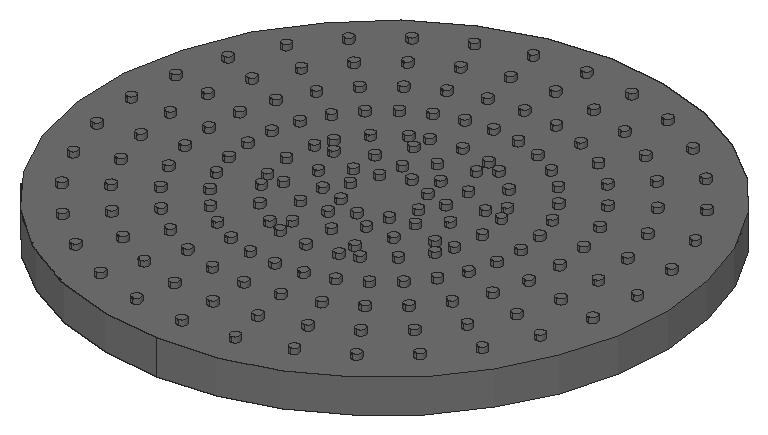
Revit family "4-ALMA-BSHD25Code-Mira 250mm Shower Head-Finish", category Plumbing Fixtures, host Face, Revit 2022
Family settings
  Host = Face
  Round Connector Dimension = Use Diameter
  Part Type = Normal
  Cut with Voids When Loaded = No
  Maintain Annotation Orientation = No
  Shared = No
  Room Calculation Point = No
Parameters (values of type "MATTE BLACK")
  URL = "https://www.buildmat.com.au/products/mira-250mm-matte-black-shower-head"
  Model = "BSHD25MB"
  Material = _BM_MATTE BLACK
  Manufacturer = "BUILDMAT"
  Default Elevation = 1219.2 mm
  Cost = 149
Types (4, lengths in mm): name | URL | Model | Material | Cost
  BRUSHED BRASS GOLD | "https://www.buildmat.com.au/products/mira-250mm-brushed-brass-gold-shower-head" | "BSHD25GD" | _BM_BRUSHED BRASS GOLD | 149
  BRUSHED GUNMETAL | "https://www.buildmat.com.au/products/mira-250mm-brushed-gunmetal-shower-head" | "BSHD25GM" | _BM_BRUSHED GUNMETAL | 199
  BRUSHED NICKEL | "https://www.buildmat.com.au/products/mira-250mm-brushed-nickel-shower-head" | "BSHD25BN" | _BM_BRUSHED NICKEL | 199
  MATTE BLACK | "https://www.buildmat.com.au/products/mira-250mm-matte-black-shower-head" | "BSHD25MB" | _BM_MATTE BLACK | 149
Reference planes
  plane 1 "Centro (Frontal/Posterior)": y = 0
  plane 2: z = 0
  plane 3 "Centro (Izquierda/Derecha)": x = 0
  plane 4 "Bottom": z = 45
  plane 5 "Top": z = 0
  plane 6: z = 30
  plane 7: z = 5
  plane 8 "Left": x = -125
  plane 9 "Right": x = 125
  plane 10 "Back": y = 125
  plane 11 "Front": y = -125
Forms (mm)
  Extrusion 1, solid, material "_BM_MATTE BLACK" <- "Material"
    sketch origin (0, 0, 45) x (0, -1, 0) y (1, 0, 0)
      loop
        circle (0, 0) r 125
    from -15 to 0
  Extrusion 2, solid, material "_BM_MATTE BLACK" <- "Material"
    sketch origin (0, 0, 45) x (0, -1, 0) y (1, 0, 0)
      loop
        circle (0, 0) r 25
    from -40 to -15
  Extrusion 3, solid, material "_BM_MATTE BLACK" <- "Material"
    sketch origin (0, 0, 0) x (0, -1, 0) y (1, 0, 0)
      loop
        circle (0, 0) r 22.5
    from 0 to 5
  Extrusion 4, solid, material "_BM_MATTE BLACK" <- "Material", detail levels medium+fine
    sketch origin (0, 0, 45) x (0, -1, 0) y (1, 0, 0)
      loop
        circle (0, -15) r 2
      loop
        circle (-10.607, -10.607) r 2
      loop
        circle (-15, 0) r 2
      loop
        circle (0, 15) r 2
      loop
        circle (-10.607, 10.607) r 2
      loop
        circle (10.607, -10.607) r 2
      loop
        circle (15, 0) r 2
      loop
        circle (10.607, 10.607) r 2
      loop
        circle (-8.419, -20.325) r 2
      loop
        circle (-20.325, -8.419) r 2
      loop
        circle (-20.325, 8.419) r 2
      loop
        circle (-8.419, 20.325) r 2
      loop
        circle (8.419, -20.325) r 2
      loop
        circle (20.325, -8.419) r 2
      loop
        circle (20.325, 8.419) r 2
      loop
        circle (8.419, 20.325) r 2
      loop
        circle (0, -29) r 2
      loop
        circle (-20.506, -20.506) r 2
      loop
        circle (-29, 0) r 2
      loop
        circle (0, 29) r 2
      loop
        circle (-20.506, 20.506) r 2
      loop
        circle (20.506, -20.506) r 2
      loop
        circle (29, 0) r 2
      loop
        circle (20.506, 20.506) r 2
      loop
        circle (-13.777, -33.26) r 2
      loop
        circle (-33.26, -13.777) r 2
      loop
        circle (-13.777, 33.26) r 2
      loop
        circle (-33.26, 13.777) r 2
      loop
        circle (13.777, -33.26) r 2
      loop
        circle (33.26, -13.777) r 2
      loop
        circle (13.777, 33.26) r 2
      loop
        circle (33.26, 13.777) r 2
      loop
        circle (0, -43) r 2
      loop
        circle (-30.406, -30.406) r 2
      loop
        circle (-43, 0) r 2
      loop
        circle (0, 43) r 2
      loop
        circle (-30.406, 30.406) r 2
      loop
        circle (30.406, -30.406) r 2
      loop
        circle (43, 0) r 2
      loop
        circle (30.406, 30.406) r 2
      loop
        circle (-19.855, -38.141) r 2
      loop
        circle (-12.93, -41.01) r 2
      loop
        circle (-41.01, -12.93) r 2
      loop
        circle (-38.141, -19.855) r 2
      loop
        circle (-19.855, 38.141) r 2
      loop
        circle (-12.93, 41.01) r 2
      loop
        circle (-41.01, 12.93) r 2
      loop
        circle (-38.141, 19.855) r 2
      loop
        circle (19.855, -38.141) r 2
      loop
        circle (12.93, -41.01) r 2
      loop
        circle (41.01, -12.93) r 2
      loop
        circle (38.141, -19.855) r 2
      loop
        circle (19.855, 38.141) r 2
      loop
        circle (12.93, 41.01) r 2
      loop
        circle (41.01, 12.93) r 2
      loop
        circle (38.141, 19.855) r 2
      loop
        circle (0, -60) r 2
      loop
        circle (0, -77) r 2
      loop
        circle (0, -94) r 2
      loop
        circle (0, -111) r 2
      loop
        circle (-11.705, -58.847) r 2
      loop
        circle (-15.022, -75.52) r 2
      loop
        circle (-18.338, -92.194) r 2
      loop
        circle (-21.655, -108.867) r 2
      loop
        circle (-22.961, -55.433) r 2
      loop
        circle (-29.467, -71.139) r 2
      loop
        circle (-35.972, -86.845) r 2
      loop
        circle (-42.478, -102.551) r 2
      loop
        circle (-33.334, -49.888) r 2
      loop
        circle (-42.779, -64.023) r 2
      loop
        circle (-52.224, -78.158) r 2
      loop
        circle (-61.668, -92.293) r 2
      loop
        circle (-42.426, -42.426) r 2
      loop
        circle (-54.447, -54.447) r 2
      loop
        circle (-66.468, -66.468) r 2
      loop
        circle (-78.489, -78.489) r 2
      loop
        circle (-49.888, -33.334) r 2
      loop
        circle (-64.023, -42.779) r 2
      loop
        circle (-78.158, -52.224) r 2
      loop
        circle (-92.293, -61.668) r 2
      loop
        circle (-55.433, -22.961) r 2
      loop
        circle (-71.139, -29.467) r 2
      loop
        circle (-86.845, -35.972) r 2
      loop
        circle (-102.551, -42.478) r 2
      loop
        circle (-58.847, -11.705) r 2
      loop
        circle (-75.52, -15.022) r 2
      loop
        circle (-92.194, -18.338) r 2
      loop
        circle (-108.867, -21.655) r 2
      loop
        circle (-60, 0) r 2
      loop
        circle (-77, 0) r 2
      loop
        circle (-94, 0) r 2
      loop
        circle (-111, 0) r 2
      loop
        circle (0, 60) r 2
      loop
        circle (0, 77) r 2
      loop
        circle (0, 94) r 2
      loop
        circle (0, 111) r 2
      loop
        circle (-11.705, 58.847) r 2
      loop
        circle (-15.022, 75.52) r 2
      loop
        circle (-18.338, 92.194) r 2
      loop
        circle (-21.655, 108.867) r 2
      loop
        circle (-22.961, 55.433) r 2
      loop
        circle (-29.467, 71.139) r 2
      loop
        circle (-35.972, 86.845) r 2
      loop
        circle (-42.478, 102.551) r 2
      loop
        circle (-33.334, 49.888) r 2
      loop
        circle (-42.779, 64.023) r 2
      loop
        circle (-52.224, 78.158) r 2
      loop
        circle (-61.668, 92.293) r 2
      loop
        circle (-42.426, 42.426) r 2
      loop
        circle (-54.447, 54.447) r 2
      loop
        circle (-66.468, 66.468) r 2
      loop
        circle (-78.489, 78.489) r 2
      loop
        circle (-49.888, 33.334) r 2
      loop
        circle (-64.023, 42.779) r 2
      loop
        circle (-78.158, 52.224) r 2
      loop
        circle (-92.293, 61.668) r 2
      loop
        circle (-55.433, 22.961) r 2
      loop
        circle (-71.139, 29.467) r 2
      loop
        circle (-86.845, 35.972) r 2
      loop
        circle (-102.551, 42.478) r 2
      loop
        circle (-58.847, 11.705) r 2
      loop
        circle (-75.52, 15.022) r 2
      loop
        circle (-92.194, 18.338) r 2
      loop
        circle (-108.867, 21.655) r 2
      loop
        circle (11.705, -58.847) r 2
      loop
        circle (15.022, -75.52) r 2
      loop
        circle (18.338, -92.194) r 2
      loop
        circle (21.655, -108.867) r 2
      loop
        circle (22.961, -55.433) r 2
      loop
        circle (29.467, -71.139) r 2
      loop
        circle (35.972, -86.845) r 2
      loop
        circle (42.478, -102.551) r 2
      loop
        circle (33.334, -49.888) r 2
      loop
        circle (42.779, -64.023) r 2
      loop
        circle (52.224, -78.158) r 2
      loop
        circle (61.668, -92.293) r 2
      loop
        circle (42.426, -42.426) r 2
      loop
        circle (54.447, -54.447) r 2
      loop
        circle (66.468, -66.468) r 2
      loop
        circle (78.489, -78.489) r 2
      loop
        circle (49.888, -33.334) r 2
      loop
        circle (64.023, -42.779) r 2
      loop
        circle (78.158, -52.224) r 2
      loop
        circle (92.293, -61.668) r 2
      loop
        circle (55.433, -22.961) r 2
      loop
        circle (71.139, -29.467) r 2
      loop
        circle (86.845, -35.972) r 2
      loop
        circle (102.551, -42.478) r 2
      loop
        circle (58.847, -11.705) r 2
      loop
        circle (75.52, -15.022) r 2
      loop
        circle (92.194, -18.338) r 2
      loop
        circle (108.867, -21.655) r 2
      loop
        circle (60, 0) r 2
      loop
        circle (77, 0) r 2
      loop
        circle (94, 0) r 2
      loop
        circle (111, 0) r 2
      loop
        circle (11.705, 58.847) r 2
      loop
        circle (15.022, 75.52) r 2
      loop
        circle (18.338, 92.194) r 2
      loop
        circle (21.655, 108.867) r 2
      loop
        circle (22.961, 55.433) r 2
      loop
        circle (35.972, 86.845) r 2
      loop
        circle (42.478, 102.551) r 2
      loop
        circle (33.334, 49.888) r 2
      loop
        circle (42.779, 64.023) r 2
      loop
        circle (52.224, 78.158) r 2
      loop
        circle (61.668, 92.293) r 2
      loop
        circle (42.426, 42.426) r 2
      loop
        circle (54.447, 54.447) r 2
      loop
        circle (66.468, 66.468) r 2
      loop
        circle (78.489, 78.489) r 2
      loop
        circle (49.888, 33.334) r 2
      loop
        circle (64.023, 42.779) r 2
      loop
        circle (78.158, 52.224) r 2
      loop
        circle (92.293, 61.668) r 2
      loop
        circle (55.433, 22.961) r 2
      loop
        circle (71.139, 29.467) r 2
      loop
        circle (86.845, 35.972) r 2
      loop
        circle (102.551, 42.478) r 2
      loop
        circle (58.847, 11.705) r 2
      loop
        circle (75.52, 15.022) r 2
      loop
        circle (92.194, 18.338) r 2
      loop
        circle (108.867, 21.655) r 2
      loop
        circle (29.467, 71.139) r 2
    from 0 to 2
Cuts and joins
  joined: Extrusion 1, Extrusion 2, Extrusion 3
Dimensions and locks
  plane 5 "Top" to level = 0 mm
  plane 4 "Bottom" to plane 5 "Top" = 45 mm
  plane 4 "Bottom" to plane 6 = 15 mm
  plane 7 to plane 5 "Top" = 5 mm
  plane 10 "Back" to plane 11 "Front" = 250 mm
  equal spacing: plane 10 "Back", plane 1 "Centro (Frontal/Posterior)", plane 11 "Front"
  plane 8 "Left" to plane 9 "Right" = 250 mm
  equal spacing: plane 8 "Left", plane 3 "Centro (Izquierda/Derecha)", plane 9 "Right"
  aligned and locked: plane 2 to host face
  aligned and locked: level to host face
  aligned and locked: plane 6 to Extrusion 1
  aligned and locked: Extrusion 1 to plane 4 "Bottom"
  aligned and locked: plane 7 to Extrusion 2
  aligned and locked: Extrusion 2 to plane 6
  aligned and locked: plane 5 "Top" to Extrusion 3
  aligned and locked: Extrusion 3 to plane 7
Automatic sketch dimensions
  host sketch curve to host sketch curve = 2438.4 mm  (x2)
  plane 1 "Centro (Frontal/Posterior)" to Extrusion 1 sketch curve = 0 mm
  Extrusion 1 sketch curve to plane 3 "Centro (Izquierda/Derecha)" = 0 mm
  plane 1 "Centro (Frontal/Posterior)" to Extrusion 2 sketch curve = 0 mm
  Extrusion 2 sketch curve to plane 3 "Centro (Izquierda/Derecha)" = 0 mm
  plane 1 "Centro (Frontal/Posterior)" to Extrusion 3 sketch curve = 0 mm
  Extrusion 3 sketch curve to plane 3 "Centro (Izquierda/Derecha)" = 0 mm
  Extrusion 4 sketch curve to plane 3 "Centro (Izquierda/Derecha)" = 0 mm  (x14)
  plane 1 "Centro (Frontal/Posterior)" to Extrusion 4 sketch curve = 0 mm  (x14)
  Extrusion 4 sketch curve to plane 1 "Centro (Frontal/Posterior)" = 8.419 mm  (x2)
  Extrusion 4 sketch curve to Extrusion 4 sketch curve = 2.188 mm  (x8)
  Extrusion 4 sketch curve to plane 1 "Centro (Frontal/Posterior)" = 11.705 mm  (x2)
  Extrusion 4 sketch curve to plane 1 "Centro (Frontal/Posterior)" = 12.93 mm  (x2)
  Extrusion 4 sketch curve to Extrusion 4 sketch curve = 0.846 mm  (x8)
  Extrusion 4 sketch curve to Extrusion 4 sketch curve = 4.393 mm  (x4)
  Extrusion 4 sketch curve to plane 1 "Centro (Frontal/Posterior)" = 15.022 mm  (x2)
  Extrusion 4 sketch curve to Extrusion 4 sketch curve = 3.317 mm  (x16)
  Extrusion 4 sketch curve to Extrusion 4 sketch curve = 6.925 mm  (x8)
  Extrusion 4 sketch curve to Extrusion 4 sketch curve = 5.325 mm  (x4)
  Extrusion 4 sketch curve to Extrusion 4 sketch curve = 12.087 mm  (x4)
  Extrusion 4 sketch curve to Extrusion 4 sketch curve = 11.256 mm  (x8)
  Extrusion 4 sketch curve to Extrusion 4 sketch curve = 8.675 mm  (x4)
  Extrusion 4 sketch curve to Extrusion 4 sketch curve = 14.445 mm  (x8)
  Extrusion 4 sketch curve to Extrusion 4 sketch curve = 10.55 mm  (x8)
  Extrusion 4 sketch curve to Extrusion 4 sketch curve = 12.934 mm  (x8)
  Extrusion 4 sketch curve to Extrusion 4 sketch curve = 10.373 mm  (x8)
  Extrusion 4 sketch curve to Extrusion 4 sketch curve = 6.506 mm  (x16)
  Extrusion 4 sketch curve to Extrusion 4 sketch curve = 4.882 mm  (x8)
  Extrusion 4 sketch curve to Extrusion 4 sketch curve = 2.868 mm  (x8)
  Extrusion 4 sketch curve to Extrusion 4 sketch curve = 9.092 mm  (x8)
  Extrusion 4 sketch curve to Extrusion 4 sketch curve = 13.312 mm  (x8)
  Extrusion 4 sketch curve to Extrusion 4 sketch curve = 1.99 mm  (x4)
  Extrusion 4 sketch curve to Extrusion 4 sketch curve = 7.462 mm  (x8)
  Extrusion 4 sketch curve to Extrusion 4 sketch curve = 9.445 mm  (x16)
  Extrusion 4 sketch curve to Extrusion 4 sketch curve = 11.668 mm  (x8)
  Extrusion 4 sketch curve to Extrusion 4 sketch curve = 5.545 mm  (x8)
  Extrusion 4 sketch curve to Extrusion 4 sketch curve = 3.414 mm  (x8)
  Extrusion 4 sketch curve to Extrusion 4 sketch curve = 1.153 mm  (x4)
  Extrusion 4 sketch curve to Extrusion 4 sketch curve = 9.576 mm  (x8)
  Extrusion 4 sketch curve to Extrusion 4 sketch curve = 12.021 mm  (x16)
  Extrusion 4 sketch curve to Extrusion 4 sketch curve = 7.116 mm  (x8)
  Extrusion 4 sketch curve to Extrusion 4 sketch curve = 4.382 mm  (x8)
  Extrusion 4 sketch curve to Extrusion 4 sketch curve = 1.48 mm  (x4)
  Extrusion 4 sketch curve to Extrusion 4 sketch curve = 14.135 mm  (x16)
  Extrusion 4 sketch curve to Extrusion 4 sketch curve = 15.706 mm  (x16)
  Extrusion 4 sketch curve to Extrusion 4 sketch curve = 16.673 mm  (x8)
  Extrusion 4 sketch curve to Extrusion 4 sketch curve = 17 mm  (x4)
  Extrusion 4 sketch curve to plane 10 "Back" = 16.133 mm  (x2)
  Extrusion 4 sketch curve to plane 10 "Back" = 14 mm
  plane 1 "Centro (Frontal/Posterior)" to Extrusion 4 sketch curve = 8.419 mm  (x2)
  plane 1 "Centro (Frontal/Posterior)" to Extrusion 4 sketch curve = 11.705 mm  (x2)
  plane 1 "Centro (Frontal/Posterior)" to Extrusion 4 sketch curve = 12.93 mm  (x2)
  plane 1 "Centro (Frontal/Posterior)" to Extrusion 4 sketch curve = 15.022 mm  (x2)
  plane 11 "Front" to Extrusion 4 sketch curve = 16.133 mm  (x2)
  plane 11 "Front" to Extrusion 4 sketch curve = 14 mm
  Extrusion 4 sketch curve to plane 3 "Centro (Izquierda/Derecha)" = 8.419 mm  (x2)
  Extrusion 4 sketch curve to plane 3 "Centro (Izquierda/Derecha)" = 11.705 mm  (x2)
  Extrusion 4 sketch curve to plane 3 "Centro (Izquierda/Derecha)" = 12.93 mm  (x2)
  Extrusion 4 sketch curve to plane 3 "Centro (Izquierda/Derecha)" = 15.022 mm  (x2)
  Extrusion 4 sketch curve to Extrusion 4 sketch curve = 9.719 mm  (x4)
  Extrusion 4 sketch curve to Extrusion 4 sketch curve = 0.181 mm  (x4)
  plane 8 "Left" to Extrusion 4 sketch curve = 16.133 mm  (x2)
  plane 8 "Left" to Extrusion 4 sketch curve = 14 mm
  plane 3 "Centro (Izquierda/Derecha)" to Extrusion 4 sketch curve = 8.419 mm  (x2)
  plane 3 "Centro (Izquierda/Derecha)" to Extrusion 4 sketch curve = 11.705 mm  (x2)
  plane 3 "Centro (Izquierda/Derecha)" to Extrusion 4 sketch curve = 12.93 mm  (x2)
  plane 3 "Centro (Izquierda/Derecha)" to Extrusion 4 sketch curve = 15.022 mm  (x2)
  Extrusion 4 sketch curve to plane 9 "Right" = 16.133 mm  (x2)
  Extrusion 4 sketch curve to plane 9 "Right" = 14 mm
  radius of Extrusion 1 sketch curve = 125 mm
  radius of Extrusion 2 sketch curve = 25 mm
  radius of Extrusion 3 sketch curve = 22.5 mm
  radius of Extrusion 4 sketch curve = 2 mm  (x184)
